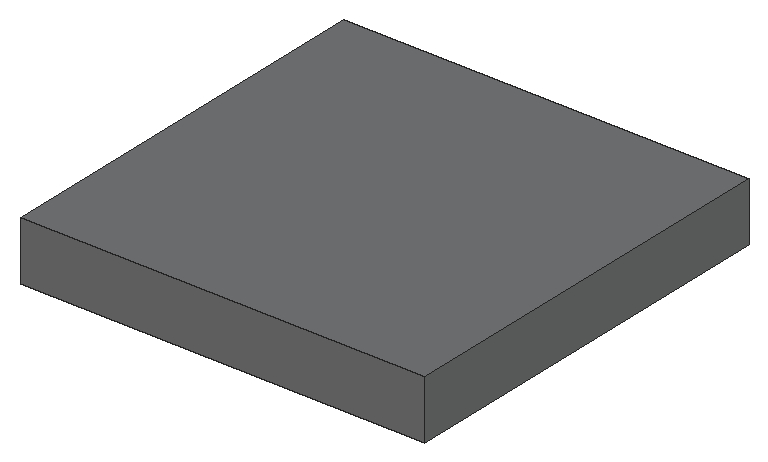
Revit family "Gira_536101", category Electrical Fixtures, host Face, Revit 2017
Family settings
  Host = Face
  Maintain Annotation Orientation = No
  Round Connector Dimension = Use Diameter
  Part Type = Normal
  Cut with Voids When Loaded = No
  Shared = No
  Room Calculation Point = No
Parameters (values of type "S3000 op.top arrow symbols System 55 cr.white")
  With LED indication = "No"
  URL = "http://katalog.gira.de/en/datenblatt.html?artikelnr=536101"
  Transparent = "No"
  Suitable for application with venetian shutter switch = "Yes"
  Suitable for application with switch = "No"
  Suitable for application with dimmer = "No"
  Number of actuation points = "2"
  Name = "S3000 op.top arrow symbols System 55 cr.white"
  Manufacturer URL = "https://www.gira.de/"
  Manufacturer = "Gira"
  Keynote = ""
  HeinzeBIM = "https://bimportal.heinze.de/bim/s3000-op-top-arrow-symbols-system-55-cr-white/a584db33356982be8c25128f3d16628d0bf558b8"
  HAN = "536101"
  GTIN = "4010337027270"
  Description = "S3000 op.top arrows Sys55 CW,System 3000 operating top unit arrow symbols,,cream white glossy,"
  Default Elevation = 1219.2 mm
  Data sheet (1) = "https://katalog.gira.de/en/download.html?artikelnr=536101"
  Category = "Intelligent control element"
  BIM (1) = "https://media.stage.bim.site/public/gira/36a6b08/Sys55_Abdeckung_Schalten und Tasten.rfa?public/gira/36a6b08/Sys55_Abdeckung_Schalten und Tasten.rfa"
  Available = "No"
  Application = "Control of electrical users"
  Anthrazit [instance] = Anthrazit
Reference planes
  plane 1 "Center (Front/Back)": y = 0
  plane 2: z = 0
  plane 3 "Center (Left/Right)": x = 0
Forms (mm)
  Extrusion 1, solid, material "Anthrazit" <- "Anthrazit", detail levels fine
    sketch origin (0, 0, 0) x (1, 0, 0) y (0, 1, 0)
      loop
        line (-27.5, 27.5) -> (-27.5, -27.5) -> (27.5, -27.5) -> (27.5, 27.5) -> (-27.5, 27.5)
    from 0 to 8
  Extrusion 2, void
    sketch origin (0, 0, 0) x (1, 0, 0) y (0, 1, 0)
      loop
        line (26, 26) -> (-26, 26) -> (-26, -26) -> (26, -26) -> (26, 26)
    from 0 to 6
  Extrusion 3, solid, material "Anthrazit" <- "Anthrazit", detail levels medium
    sketch origin (0, 0, 0) x (1, 0, 0) y (0, 1, 0)
      loop
        line (-27.5, 27.5) -> (-27.5, -27.5) -> (27.5, -27.5) -> (27.5, 27.5) -> (-27.5, 27.5)
    from 0 to 8
  Extrusion 4, solid, material "Anthrazit" <- "Anthrazit", detail levels medium
    sketch origin (0, 0, 0) x (1, 0, 0) y (0, 1, 0)
      loop
        line (11, -17.5) -> (11, 17.5) -> (-11, 17.5) -> (-11, -17.5) -> (11, -17.5)
    from -6 to 6
  Extrusion 5, solid, material "Anthrazit" <- "Anthrazit", detail levels fine
    sketch origin (0, 0, 0) x (1, 0, 0) y (0, 1, 0)
      loop
        line (11, 17.5) -> (-11, 17.5) -> (-11, 16.5) -> (11, 16.5) -> (11, 17.5)
      loop
        line (-11, -16.5) -> (-11, -17.5) -> (11, -17.5) -> (11, -16.5) -> (-11, -16.5)
    from -4 to 6
  Extrusion 6, solid, material "Anthrazit" <- "Anthrazit", detail levels fine
    sketch origin (0, 0, 0) x (1, 0, 0) y (0, 1, 0)
      loop
        arc (5, 9.347) -> (0, 10.6) -> (-5, 9.347) r 10.6
        line (-5, 9.347) -> (-5, -9.347)
        arc (-5, -9.347) -> (0, -10.6) -> (5, -9.347) r 10.6
        line (5, -9.347) -> (5, 9.347)
    from -6 to 6
  Extrusion 7, solid, material "Anthrazit" <- "Anthrazit", detail levels coarse
    sketch origin (0, 0, 0) x (1, 0, 0) y (0, 1, 0)
      loop
        line (-27.5, 27.5) -> (-27.5, -27.5) -> (27.5, -27.5) -> (27.5, 27.5) -> (-27.5, 27.5)
    from -6 to 8
Cuts and joins
  Extrusion 2 cuts Extrusion 1
Dimensions and locks
  aligned and locked: plane 2 to host face
  aligned and locked: level to host face
